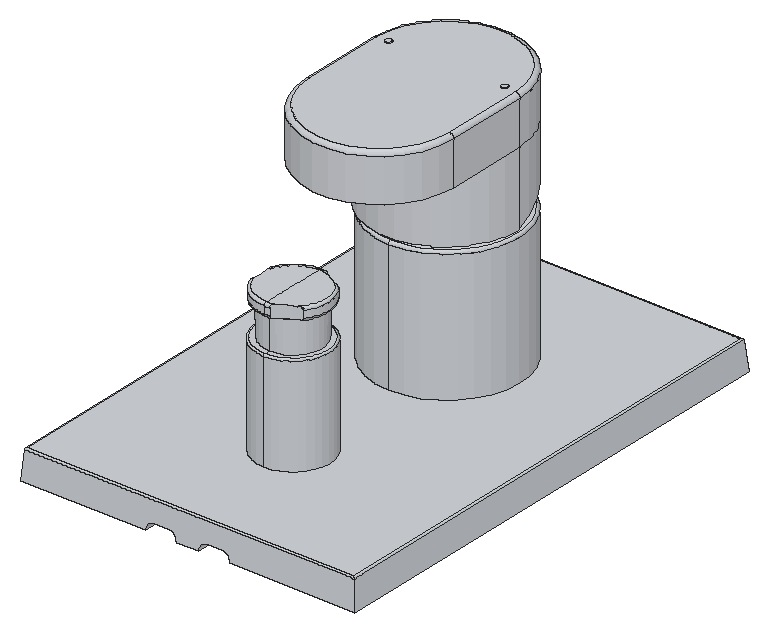
Revit family "Shower-Valve_Trim-KOHLER-OBLO-K-45366T_1", category Specialty Equipment, host Face, Revit 2017
Family settings
  Host = Face
  Round Connector Dimension = Use Diameter
  Part Type = Normal
  OmniClass Number = 23.31.25.00
  OmniClass Title = Toilet and Bath Specialties
  Cut with Voids When Loaded = No
  Shared = No
  Room Calculation Point = No
Parameters (values of type "CP-Polished Chrome")
  Width = 4 115/256"  # constant formula
  WaterSense Certified = 1 = 0  # no
  URL = "http://www.kohler.com.cn/"
  Type = 1
  Product Page URL = "https://www.kohler.com.cn/product/K-45366T-4-CP/K-45366T-4-CP/"
  Product Name = "OBLO"  # constant formula
  Product Documentation Link = "https://files.kohler.com.cn/pdfs/k_45366t.pdf"
  Model = "K-45366T-4-CP"  # constant formula
  Material = "Premium Metal Construction"  # constant formula
  Master Format 2014 Name = "Toilet, Bath, and Laundry Accessories"  # constant formula
  Master Format 2014 = "10 28 00"  # constant formula
  Manufacturer Address = "Kohler Beijing Office (100016) 36-2-03-B, No. 88, Liuxiang Road, Beijing"  # constant formula
  Manufacturer = "KOHLER Co."  # constant formula
  Length = 3 55/64"  # constant formula
  Height = 6 137/256"  # constant formula
  Handle Clearance = 2.1063"  # constant formula
  Finish = Kohler-Metal-CP-Polished_Chrome
  Environmental Product Declaration = ""
  Description = "40mm in-wall bathtub shower panel"  # constant formula
  Default Elevation = 42"
  Declare Label = ""
  Date Modified = "04/01/2021"  # constant formula
  Date Created = "04/01/2021"  # constant formula
  Copyright = "Copyright KOHLER Co."  # constant formula
  Contact Us = "http://www.kohler.com.cn/contact/contact-us/"
  Assembly Code = "C1030200"
  ADA Compliant = 1 = 0  # no
Reference planes (in)
  plane 1 "Center (Front/Back)": y = 0
  plane 2: z = 0
  plane 3 "Center (Left/Right)": x = 0
  plane 4: y = 2.22441
  plane 5: x = 2.22441
  plane 6: y = -4.31075
  plane 7: x = -2.22481
  plane 8: y = -2.55906
  plane 9: y = -1.04331
  plane 10: y = 0.96302
  plane 11: y = -2.1063
  plane 12: z = 3.85937
  plane 13: z = 0.3937
  plane 14: y = -0.96412
  plane 15: y = -3.04395
  plane 16: y = -2.07416
  plane 17: z = 0.52912
  plane 18: x = 0.9649
  plane 19: x = -0.9649
  plane 20: z = 2.33866
Dimensions and locks (in)
  plane 12 to level = 3 55/64"
  "Length": plane 12 to level
  "Width": plane 7 to plane 5
  "Height": plane 6 to plane 4
  plane 10 to plane 11 = 3.06932"
  "Handle Clearance": plane 1 "Center (Front/Back)" to plane 11
  plane 8 to plane 1 "Center (Front/Back)" = 2.55906"
  aligned and locked: plane 2 to host face
  aligned and locked: level to host face
Automatic sketch dimensions
  host sketch curve to host sketch curve = 96"  (x2)
Nested families (in)
  nested 1: "K-45366T" at (0, 0, 0), type "K-45366T"
Definition of nested family "K-45366T"
  Parameters (values of type "K-45366T")
    Material = none
  Reference planes (in)
    plane 1 "Center (Front/Back)": y = 0
    plane 2: z = 0
    plane 3 "Center (Left/Right)": x = 0
    plane 4: y = 2.22441
    plane 5: x = 2.22441
    plane 6: y = -4.31102
    plane 7: x = -2.22441
    plane 8: y = -1.04331
    plane 9: y = -2.55906
    plane 10: z = 3.85827
    plane 11: z = 0.3937
    plane 12: y = -2.1052
    plane 13: y = 0.96412
  Forms (in)
    Sweep 1, solid, material <- "Material", detail levels medium+fine
      path origin (0, 0, 0) x (1, 0, 0) y (0, 1, 0)
        loop
          line (2.22441, 2.22441) -> (-2.22441, 2.22441) -> (-2.22441, -4.31102) -> (2.22441, -4.31102) -> (2.22441, 2.22441)
      profile origin (0, 2.22441, 0) x (0, -1, 0) y (0, 0, 1)
        loop
          line (0.03278, 0.37473) -> (0, 0) -> (0.19685, 0) -> (0.19685, 0.3937) -> (0.05349, 0.3937)
          arc (0.05349, 0.3937) -> (0.03945, 0.38824) -> (0.03278, 0.37473) r 0.02079
    Extrusion 2, solid, material <- "Material", detail levels medium+fine
      sketch origin (0, 0, 0) x (1, 0, 0) y (0, 1, 0)
        loop
          line (-2.02756, -4.11417) -> (2.02756, -4.11417) -> (2.02756, 2.02756) -> (-2.02756, 2.02756) -> (-2.02756, -4.11417)
      from 0 to 0.3937
    Revolve 3, solid, material <- "Material", detail levels medium+fine
      sketch origin (0, 0, 0) x (0, 1, 0) y (0, 0, 1)
        loop
          line (0.96412, 0.11401) -> (0.96412, 2.13017)
          arc (0.96412, 2.13017) -> (0.95598, 2.15413) -> (0.93494, 2.16819) r 0.03937
          line (0.93494, 2.16819) -> (0.86507, 2.18691)
          arc (0.86507, 2.18691) -> (0.823, 2.21474) -> (0.8061, 2.26227) r 0.07958
          arc (0.8061, 2.26227) -> (0.7665, 2.50492) -> (0.66012, 2.72656) r 0.86343
          line (0.66012, 2.72656) -> (0, 2.72656) -> (0, 0.11401) -> (0.96412, 0.11401)
        axis (0, 2.72656) -> (0, 0.11401)
      angle from 0 to 360
    Sweep 4, solid, material <- "Material", detail levels medium+fine
      path origin (0, 0, 0) x (1, 0, 0) y (0, 1, 0)
        loop
          line (-0.98425, -0.02015) -> (-0.98425, -1.12165)
          arc (-0.98425, -1.12165) -> (0, -2.1059) -> (0.98425, -1.12165) r 0.98425
          line (0.98425, -1.12165) -> (0.98425, -0.02015)
          arc (0.98425, -0.02015) -> (0, 0.9641) -> (-0.98425, -0.02015) r 0.98425
      profile origin (0, -2.1059, 0) x (0, 1, 0) y (0, 0, 1)
        loop
          line (0.00069, 3.22441) -> (0.28441, 3.22441) -> (0.28441, 3.85827) -> (0.05975, 3.85827)
          arc (0.05975, 3.85827) -> (0.01799, 3.84097) -> (0.00069, 3.79921) r 0.05906
          line (0.00069, 3.79921) -> (0.00069, 3.22441)
    Extrusion 5, solid, material <- "Material", detail levels medium+fine
      sketch origin (0, 0, 0) x (1, 0, 0) y (0, 1, 0)
        loop
          arc (0.69984, -0.02015) -> (0, 0.67969) -> (-0.69984, -0.02015) r 0.69984
          line (-0.69984, -0.02015) -> (-0.69984, -1.12165)
          arc (-0.69984, -1.12165) -> (0, -1.82149) -> (0.69984, -1.12165) r 0.69984
          line (0.69984, -1.12165) -> (0.69984, -0.02015)
      from 3.22179 to 3.85827
    Extrusion 6, solid, material <- "Material", detail levels medium+fine
      sketch origin (0, 0, 0) x (1, 0, 0) y (0, 1, 0)
        loop
          circle (0, -0.02015) r 0.98356
      from 2.24016 to 3.22441
    Revolve 7, solid, material <- "Material", detail levels medium+fine
      sketch origin (0, 0, 0) x (0, 1, 0) y (0, 0, 1)
        loop
          line (-2.55906, 0.19685) -> (-2.07464, 0.19685) -> (-2.07464, 1.71101)
          arc (-2.07464, 1.71101) -> (-2.08087, 1.72605) -> (-2.09591, 1.73228) r 0.02127
          line (-2.09591, 1.73228) -> (-2.17189, 1.73228) -> (-2.16438, 2.16254)
          arc (-2.16438, 2.16254) -> (-2.15754, 2.17847) -> (-2.14149, 2.18504) r 0.0229
          line (-2.14149, 2.18504) -> (-2.10615, 2.18504)
          arc (-2.10615, 2.18504) -> (-2.09163, 2.19105) -> (-2.08562, 2.20556) r 0.02052
          line (-2.08562, 2.20556) -> (-2.08562, 2.30539)
          arc (-2.08562, 2.30539) -> (-2.09537, 2.32892) -> (-2.1189, 2.33866) r 0.03327
          line (-2.1189, 2.33866) -> (-2.55906, 2.33866) -> (-2.55906, 0.19685)
        axis (-2.55906, 2.33866) -> (-2.55906, 0.19685)
      angle from 0 to 360
    Extrusion 8, void
      sketch origin (0, 0, 0) x (1, 0, 0) y (0, 1, 0)
        loop
          circle (0, -2.55906) r 0.65748
        loop
          arc (-0.44216, -2.75692) -> (-0.24221, -2.97857) -> (0.04973, -3.04091) r 0.48441
          arc (0.04973, -3.04091) -> (0.20785, -2.91906) -> (0.39243, -2.84305) r 0.75303
          arc (0.39243, -2.84305) -> (0.48441, -2.55906) -> (0.39243, -2.27506) r 0.48441
          arc (0.39243, -2.27506) -> (0.20785, -2.19905) -> (0.04973, -2.0772) r 0.75303
          arc (0.04973, -2.0772) -> (-0.24221, -2.13954) -> (-0.44216, -2.36119) r 0.48441
          arc (-0.44216, -2.36119) -> (-0.4157, -2.55906) -> (-0.44216, -2.75692) r 0.75303
      from 2.05906 to 2.55906
    Extrusion 9, void
      sketch origin (0, 0, 0) x (0, 1, 0) y (0, 0, 1)
        loop
          line (1.23014, 2.8126) -> (-0.15186, 2.1973) -> (1.23014, 2.1973) -> (1.23014, 2.8126)
      from -1.5748 to 1.5748
    Extrusion 10, solid, material <- "Material", detail levels coarse
      sketch origin (0, 0, 0) x (1, 0, 0) y (0, 1, 0)
        loop
          line (-2.22441, -4.31102) -> (2.22441, -4.31102) -> (2.22441, 2.22441) -> (-2.22441, 2.22441) -> (-2.22441, -4.31102)
      from 0 to 0.59055
    Extrusion 11, solid, material <- "Material", detail levels coarse
      sketch origin (0, 0, 0) x (1, 0, 0) y (0, 1, 0)
        loop
          circle (0, -2.55906) r 0.55118
      from 0 to 2.33866
    Extrusion 12, solid, material <- "Material", detail levels coarse
      sketch origin (0, 0, 0) x (1, 0, 0) y (0, 1, 0)
        loop
          circle (0, 0) r 1.06299
      from 0 to 3.22441
    Extrusion 13, solid, material <- "Material", detail levels coarse
      sketch origin (0, 0, 0) x (1, 0, 0) y (0, 1, 0)
        loop
          line (-1.06299, 0) -> (-1.06299, -1.15792)
          arc (-1.06299, -1.15792) -> (0, -2.22091) -> (1.06299, -1.15792) r 1.06299
          line (1.06299, -1.15792) -> (1.06299, 0)
          arc (1.06299, 0) -> (0, 1.06299) -> (-1.06299, 0) r 1.06299
      from 3.22441 to 3.85962
    Extrusion 14, void
      sketch origin (0, 0, 0) x (1, 0, 0) y (0, 0, 1)
        loop
          arc (-0.43966, 0.11811) -> (-0.52334, 0.08354) -> (-0.55822, 0) r 0.11856
          line (-0.55822, 0) -> (-0.15044, 0)
          arc (-0.15044, 0) -> (-0.18533, 0.08354) -> (-0.269, 0.11811) r 0.11856
          line (-0.269, 0.11811) -> (-0.43966, 0.11811)
        loop
          line (0.43966, 0.11811) -> (0.269, 0.11811)
          arc (0.269, 0.11811) -> (0.18533, 0.08354) -> (0.15044, 0) r 0.11856
          line (0.15044, 0) -> (0.55822, 0)
          arc (0.55822, 0) -> (0.52334, 0.08354) -> (0.43966, 0.11811) r 0.11856
      from 1.5748 to 4.98487
    Extrusion 15, solid, detail levels medium+fine
      sketch origin (-0.00703, 0.0121, 0) x (1, 0, 0) y (0, 1, 0)
        loop
          circle (-0.77022, -0.0121) r 0.03972
      from 3.8189 to 3.85962
    Extrusion 16, solid, detail levels medium+fine
      sketch origin (-0.00703, 0.0121, 0) x (-1, 0, 0) y (0, -1, 0)
        loop
          circle (-0.77022, 0.0121) r 0.03972
      from 3.8189 to 3.85962
  Cuts and joins
    Extrusion 14 cuts Sweep 1
    Extrusion 8, Extrusion 14 cuts Extrusion 2
    Extrusion 14 cuts Revolve 3
    Extrusion 8, Extrusion 14 cuts Sweep 4
    Extrusion 8, Extrusion 14 cuts Extrusion 5
    Extrusion 8, Extrusion 9, Extrusion 14 cuts Extrusion 6
    Extrusion 8, Extrusion 14 cuts Revolve 7
    joined: Sweep 1, Extrusion 2, Revolve 3, Sweep 4, Extrusion 5, Extrusion 6, Revolve 7
    Extrusion 14 cuts Extrusion 10
    joined: Extrusion 10, Extrusion 11, Extrusion 12, Extrusion 13
  Lines and regions (in)
    Masking region 1
      outline origin (0, 0, 0) x (1, 0, 0) y (0, 1, 0)
        loop
          arc (-2.02756, 2.22441) -> (-2.16675, 2.16675) -> (-2.22441, 2.02756) r 0.19685
          line (-2.22441, 2.02756) -> (-2.22441, -4.11417)
          arc (-2.22441, -4.11417) -> (-2.16675, -4.25337) -> (-2.02756, -4.31102) r 0.19685
          line (-2.02756, -4.31102) -> (2.02756, -4.31102)
          arc (2.02756, -4.31102) -> (2.16675, -4.25337) -> (2.22441, -4.11417) r 0.19685
          line (2.22441, -4.11417) -> (2.22441, 2.02756)
          arc (2.22441, 2.02756) -> (2.16675, 2.16675) -> (2.02756, 2.22441) r 0.19685
          line (2.02756, 2.22441) -> (-2.02756, 2.22441)
    Masking region 2
      outline origin (0, 0, 0) x (1, 0, 0) y (0, 0, 1)
        loop
          line (0.92301, 3.85827) -> (-0.92301, 3.85827)
          arc (-0.92301, 3.85827) -> (-0.96582, 3.84053) -> (-0.98356, 3.79772) r 0.06055
          line (-0.98356, 3.79772) -> (-0.98356, 2.26142)
          arc (-0.98356, 2.26142) -> (-0.97733, 2.24639) -> (-0.96229, 2.24016) r 0.02126
          line (-0.96229, 2.24016) -> (-0.81005, 2.24016)
          arc (-0.81005, 2.24016) -> (-0.8332, 2.20525) -> (-0.8699, 2.18506) r 0.0877
          line (-0.8699, 2.18506) -> (-0.9265, 2.1699)
          arc (-0.9265, 2.1699) -> (-0.9542, 2.15139) -> (-0.9649, 2.11985) r 0.05181
          line (-0.9649, 2.11985) -> (-0.9649, 0.50886) -> (-1.11671, 0.49824)
          arc (-1.11671, 0.49824) -> (-1.64358, 0.45364) -> (-2.16892, 0.39364) r 18.06489
          arc (-2.16892, 0.39364) -> (-2.18475, 0.38566) -> (-2.19208, 0.36951) r 0.02668
          line (-2.19208, 0.36951) -> (-2.22441, 0) -> (2.22441, 0) -> (2.19208, 0.36951)
          arc (2.19208, 0.36951) -> (2.18475, 0.38566) -> (2.16892, 0.39364) r 0.02668
          arc (2.16892, 0.39364) -> (1.64358, 0.45364) -> (1.11671, 0.49824) r 18.06489
          line (1.11671, 0.49824) -> (0.9649, 0.50886) -> (0.9649, 2.11985)
          arc (0.9649, 2.11985) -> (0.9542, 2.15139) -> (0.9265, 2.1699) r 0.05181
          line (0.9265, 2.1699) -> (0.8699, 2.18506)
          arc (0.8699, 2.18506) -> (0.8332, 2.20525) -> (0.81005, 2.24016) r 0.0877
          line (0.81005, 2.24016) -> (0.96229, 2.24016)
          arc (0.96229, 2.24016) -> (0.97733, 2.24639) -> (0.98356, 2.26142) r 0.02126
          line (0.98356, 2.26142) -> (0.98356, 3.79772)
          arc (0.98356, 3.79772) -> (0.96582, 3.84053) -> (0.92301, 3.85827) r 0.06055
    Masking region 3
      outline origin (0, 0, 0) x (0, 1, 0) y (0, 0, 1)
        loop
          line (0.90506, 3.85827) -> (-2.04615, 3.85827)
          arc (-2.04615, 3.85827) -> (-2.08791, 3.84097) -> (-2.1052, 3.79921) r 0.05906
          line (-2.1052, 3.79921) -> (-2.1052, 3.28346)
          arc (-2.1052, 3.28346) -> (-2.08791, 3.24171) -> (-2.04615, 3.22441) r 0.05906
          line (-2.04615, 3.22441) -> (-1.39741, 3.22441)
          arc (-1.39741, 3.22441) -> (-1.11902, 3.1091) -> (-1.00371, 2.83071) r 0.3937
          line (-1.00371, 2.83071) -> (-1.00371, 2.752)
          arc (-1.00371, 2.752) -> (-1.04535, 2.62835) -> (-1.00371, 2.50469) r 0.20442
          line (-1.00371, 2.50469) -> (-1.00371, 2.24016) -> (-0.81001, 2.24016)
          arc (-0.81001, 2.24016) -> (-0.831, 2.20615) -> (-0.8658, 2.18651) r 0.08012
          line (-0.8658, 2.18651) -> (-0.93494, 2.16798)
          arc (-0.93494, 2.16798) -> (-0.95598, 2.15392) -> (-0.96412, 2.12996) r 0.03937
          line (-0.96412, 2.12996) -> (-0.96412, 0.53698)
          arc (-0.96412, 0.53698) -> (-1.51921, 0.53138) -> (-2.07416, 0.51767) r 37.93388
          line (-2.07416, 0.51767) -> (-2.07416, 1.7126)
          arc (-2.07416, 1.7126) -> (-2.07992, 1.72652) -> (-2.09384, 1.73228) r 0.01969
          line (-2.09384, 1.73228) -> (-2.17189, 1.73228) -> (-2.16552, 2.16216)
          arc (-2.16552, 2.16216) -> (-2.1586, 2.17836) -> (-2.14231, 2.18504) r 0.02322
          line (-2.14231, 2.18504) -> (-2.10747, 2.18504)
          spline (-2.10747, 2.18504) -> (-2.10562, 2.18553) -> (-2.10379, 2.18625) -> (-2.10201, 2.18721) -> (-2.10027, 2.1884) -> (-2.09861, 2.1898) -> (-2.09702, 2.19141) -> (-2.09553, 2.19322) -> (-2.09413, 2.19521) -> (-2.09285, 2.19736) -> (-2.09169, 2.19967) -> (-2.09066, 2.20211) -> (-2.08976, 2.20467)
          line (-2.08976, 2.20467) -> (-2.08976, 2.30811)
          spline (-2.08976, 2.30811) -> (-2.09125, 2.3121) -> (-2.09294, 2.3159) -> (-2.09483, 2.31949) -> (-2.09691, 2.32283) -> (-2.09915, 2.32591) -> (-2.10155, 2.3287) -> (-2.10408, 2.3312) -> (-2.10674, 2.33338) -> (-2.10951, 2.33522) -> (-2.11237, 2.33672) -> (-2.11529, 2.33787) -> (-2.11826, 2.33866)
          line (-2.11826, 2.33866) -> (-2.99985, 2.33866)
          spline (-2.99985, 2.33866) -> (-3.00282, 2.33787) -> (-3.00574, 2.33672) -> (-3.0086, 2.33522) -> (-3.01137, 2.33338) -> (-3.01403, 2.3312) -> (-3.01656, 2.3287) -> (-3.01896, 2.32591) -> (-3.0212, 2.32283) -> (-3.02328, 2.31949) -> (-3.02517, 2.3159) -> (-3.02686, 2.3121) -> (-3.02835, 2.30811)
          line (-3.02835, 2.30811) -> (-3.02835, 2.20467)
          spline (-3.02835, 2.20467) -> (-3.02745, 2.20211) -> (-3.02642, 2.19967) -> (-3.02526, 2.19736) -> (-3.02398, 2.19521) -> (-3.02259, 2.19322) -> (-3.02109, 2.19141) -> (-3.0195, 2.1898) -> (-3.01784, 2.1884) -> (-3.0161, 2.18721) -> (-3.01432, 2.18625) -> (-3.01249, 2.18553) -> (-3.01064, 2.18504)
          line (-3.01064, 2.18504) -> (-2.97581, 2.18504)
          arc (-2.97581, 2.18504) -> (-2.95951, 2.17836) -> (-2.95259, 2.16216) r 0.02322
          line (-2.95259, 2.16216) -> (-2.94622, 1.73228) -> (-3.02427, 1.73228)
          arc (-3.02427, 1.73228) -> (-3.03819, 1.72652) -> (-3.04395, 1.7126) r 0.01969
          line (-3.04395, 1.7126) -> (-3.04395, 0.48241) -> (-3.52721, 0.44862)
          arc (-3.52721, 0.44862) -> (-3.89244, 0.42212) -> (-4.25753, 0.3937) r 69.89901
          arc (-4.25753, 0.3937) -> (-4.27158, 0.38824) -> (-4.27824, 0.37473) r 0.02079
          line (-4.27824, 0.37473) -> (-4.31102, 0) -> (2.22441, 0) -> (2.19163, 0.37473)
          arc (2.19163, 0.37473) -> (2.18496, 0.38824) -> (2.17092, 0.3937) r 0.02079
          arc (2.17092, 0.3937) -> (1.80583, 0.42212) -> (1.4406, 0.44862) r 69.89901
          line (1.4406, 0.44862) -> (0.96412, 0.48193) -> (0.96412, 2.12996)
          arc (0.96412, 2.12996) -> (0.95598, 2.15392) -> (0.93494, 2.16798) r 0.03937
          line (0.93494, 2.16798) -> (0.8658, 2.18651)
          arc (0.8658, 2.18651) -> (0.82338, 2.21459) -> (0.80642, 2.26254) r 0.08012
          arc (0.80642, 2.26254) -> (0.78873, 2.41954) -> (0.74161, 2.57034) r 0.83014
          line (0.74161, 2.57034) -> (0.96412, 2.66941) -> (0.96412, 3.79921)
          arc (0.96412, 3.79921) -> (0.94682, 3.84097) -> (0.90506, 3.85827) r 0.05906
    symbolic lines, detail levels medium+fine
      curve 1: arc (0.98356, -0.02015, 0) -> (0, 0.9634, 0) -> (-0.98356, -0.02015, 0) r 0.98356
      curve 2: line (-0.98356, -0.02015, 0) -> (-0.98356, -1.12165, 0)
      curve 3: line (0.98356, -1.12165, 0) -> (0.98356, -0.02015, 0)
      curve 4: arc (-0.98356, -1.12165, 0) -> (0, -2.1052, 0) -> (0.98356, -1.12165, 0) r 0.98356
      curve 5: arc (-0.98356, -0.20126, 0) -> (0, 1.00394, 0) -> (0.98356, -0.20126, 0) r 1.00394
      curve 6: arc (0.37517, -2.84782, 0) -> (0.20785, -2.91906, 0) -> (0.06249, -3.02835, 0) r 0.75303
      curve 7: arc (-0.43766, -2.73959, 0) -> (-0.4157, -2.55906, 0) -> (-0.43766, -2.37852, 0) r 0.75303
      curve 8: arc (0.07582, -2.10228, 0) -> (0.2158, -2.20357, 0) -> (0.37517, -2.2703, 0) r 0.75303
      curve 9: arc (-0.43766, -2.73959, 0) -> (-0.23672, -2.96906, 0) -> (0.06249, -3.02835, 0) r 0.47343
      curve 10: arc (-0.25647, -2.07118, 0) -> (0, -3.11024, 0) -> (0.25647, -2.07118, 0) r 0.55118
      curve 11: arc (0.37517, -2.84782, 0) -> (0.47343, -2.55906, 0) -> (0.37517, -2.2703, 0) r 0.47343
      curve 12: arc (-0.11129, -2.09889, 0) -> (-0.30803, -2.19954, 0) -> (-0.43766, -2.37852, 0) r 0.47343
      curve 13: arc (-0.13972, -2.09523, 0) -> (0, -3.04347, 0) -> (0.13972, -2.09523, 0) r 0.48441
      curve 14: line (2.02756, 2.14567, 0) -> (-2.02756, 2.14567, 0)
      curve 15: arc (-2.02756, 2.14567, 0) -> (-2.11108, 2.11108, 0) -> (-2.14567, 2.02756, 0) r 0.11811
      curve 16: line (-2.14567, 2.02756, 0) -> (-2.14567, -4.11417, 0)
      curve 17: arc (-2.14567, -4.11417, 0) -> (-2.11108, -4.19769, 0) -> (-2.02756, -4.23228, 0) r 0.11811
      curve 18: line (-2.02756, -4.23228, 0) -> (2.02756, -4.23228, 0)
      curve 19: arc (2.02756, -4.23228, 0) -> (2.11108, -4.19769, 0) -> (2.14567, -4.11417, 0) r 0.11811
      curve 20: line (2.14567, -4.11417, 0) -> (2.14567, 2.02756, 0)
      curve 21: arc (2.14567, 2.02756, 0) -> (2.11108, 2.11108, 0) -> (2.02756, 2.14567, 0) r 0.11811
      curve 22: line (0.9649, 0, 2.11985) -> (-0.9649, 0, 2.11985)
      curve 23: arc (-0.9649, 0, 0.50886) -> (0, 0, 0.52912) -> (0.9649, 0, 0.50886) r 22.98002
      curve 24: line (2.16846, 0, 0.3937) -> (-2.16846, 0, 0.3937)
      curve 25: line (-2.19208, 0, 0.36951) -> (2.19208, 0, 0.36951)
      curve 26: line (0, -1.00371, 2.24016) -> (0, -0.1094, 2.24016)
      curve 27: line (0, 0.96457, 2.66961) -> (0, 0.11467, 2.29121)
      curve 28: arc (0, 0.11467, 2.29121) -> (0, 0.00513, 2.25474) -> (0, -0.1094, 2.24016) r 0.59347
      curve 29: line (0, -0.96412, 2.12996) -> (0, 0.96412, 2.12996)
      curve 30: line (0, -1.00371, 2.50469) -> (0, -1.00371, 2.752)
      curve 31: line (0, -2.14231, 2.18504) -> (0, -2.97581, 2.18504)
      curve 32: line (0, -2.17189, 1.73228) -> (0, -2.94622, 1.73228)
      curve 33: line (0, -3.04395, 0.48241) -> (0, -2.07416, 0.51767)
      curve 34: line (0, 0.96412, 0.48193) -> (0, -0.96412, 0.53698)
      curve 35: line (0, -2.1052, 3.79921) -> (0, 0.96412, 3.79921)
      curve 36: line (0, 2.17084, 0.3937) -> (0, -4.25745, 0.3937)
      curve 37: line (0, 2.19185, 0.37483) -> (0, -4.27823, 0.37483)
      curve 38: line (0, -2.37852, 2.30819) -> (0, -2.37852, 2.20456)
      curve 39: spline (0, -2.37852, 2.20456) -> (0, -2.38006, 2.20139) -> (0, -2.38192, 2.19842) -> (0, -2.38408, 2.19566) -> (0, -2.38652, 2.19317) -> (0, -2.3892, 2.19095) -> (0, -2.39211, 2.18904) -> (0, -2.3952, 2.18747) -> (0, -2.39843, 2.18624) -> (0, -2.40178, 2.18537) -> (0, -2.4052, 2.18488) -> (0, -2.40865, 2.18477) -> (0, -2.41209, 2.18504)
      curve 40: spline (0, -2.70604, 2.18504) -> (0, -2.7095, 2.18477) -> (0, -2.71296, 2.18489) -> (0, -2.71639, 2.18538) -> (0, -2.71974, 2.18625) -> (0, -2.72298, 2.18747) -> (0, -2.72607, 2.18905) -> (0, -2.72897, 2.19095) -> (0, -2.73165, 2.19317) -> (0, -2.73407, 2.19566) -> (0, -2.73622, 2.19841) -> (0, -2.73807, 2.20138) -> (0, -2.73959, 2.20454)
      curve 41: line (0, -2.73959, 2.20454) -> (0, -2.73959, 2.30814)
      curve 42: spline (0, -2.73959, 2.30814) -> (0, -2.73674, 2.31319) -> (0, -2.7334, 2.31792) -> (0, -2.72961, 2.32227) -> (0, -2.7254, 2.3262) -> (0, -2.72081, 2.32967) -> (0, -2.71589, 2.33265) -> (0, -2.71071, 2.33509) -> (0, -2.7053, 2.33698) -> (0, -2.69973, 2.33829) -> (0, -2.69406, 2.33901) -> (0, -2.68835, 2.33913) -> (0, -2.68265, 2.33866)
      curve 43: spline (0, -2.43538, 2.33866) -> (0, -2.42964, 2.33912) -> (0, -2.4239, 2.33898) -> (0, -2.4182, 2.33824) -> (0, -2.41262, 2.33693) -> (0, -2.40721, 2.33504) -> (0, -2.40203, 2.3326) -> (0, -2.39713, 2.32963) -> (0, -2.39256, 2.32617) -> (0, -2.38838, 2.32226) -> (0, -2.38462, 2.31792) -> (0, -2.38132, 2.31322) -> (0, -2.37852, 2.30819)
      curve 44: line (0, -2.2703, 2.20452) -> (0, -2.2703, 2.31006)
      curve 45: spline (0, -2.2703, 2.31006) -> (0, -2.26977, 2.31382) -> (0, -2.26912, 2.31739) -> (0, -2.26836, 2.32075) -> (0, -2.2675, 2.32388) -> (0, -2.26652, 2.32676) -> (0, -2.26545, 2.32937) -> (0, -2.26429, 2.3317) -> (0, -2.26304, 2.33373) -> (0, -2.26171, 2.33545) -> (0, -2.26032, 2.33685) -> (0, -2.25886, 2.33792) -> (0, -2.25735, 2.33866)
      curve 46: spline (0, -2.26252, 2.18504) -> (0, -2.26336, 2.18552) -> (0, -2.26419, 2.18625) -> (0, -2.26499, 2.1872) -> (0, -2.26577, 2.18838) -> (0, -2.26651, 2.18977) -> (0, -2.26721, 2.19137) -> (0, -2.26786, 2.19316) -> (0, -2.26846, 2.19513) -> (0, -2.26901, 2.19727) -> (0, -2.2695, 2.19956) -> (0, -2.26993, 2.20198) -> (0, -2.2703, 2.20452)
      curve 47: line (0, -2.84782, 2.20452) -> (0, -2.84782, 2.31006)
      curve 48: spline (0, -2.84782, 2.31006) -> (0, -2.84834, 2.31382) -> (0, -2.84899, 2.31739) -> (0, -2.84975, 2.32075) -> (0, -2.85061, 2.32388) -> (0, -2.85159, 2.32676) -> (0, -2.85266, 2.32937) -> (0, -2.85382, 2.3317) -> (0, -2.85507, 2.33373) -> (0, -2.8564, 2.33545) -> (0, -2.85779, 2.33685) -> (0, -2.85925, 2.33792) -> (0, -2.86076, 2.33866)
      curve 49: spline (0, -2.85559, 2.18504) -> (0, -2.85475, 2.18552) -> (0, -2.85392, 2.18625) -> (0, -2.85312, 2.1872) -> (0, -2.85234, 2.18838) -> (0, -2.8516, 2.18977) -> (0, -2.8509, 2.19137) -> (0, -2.85025, 2.19316) -> (0, -2.84965, 2.19513) -> (0, -2.8491, 2.19727) -> (0, -2.84861, 2.19956) -> (0, -2.84818, 2.20198) -> (0, -2.84782, 2.20452)
      curve 50: line (-0.98356, 0, 3.79772) -> (0.98356, 0, 3.79772)
      curve 51: line (0.98356, 0, 2.25594) -> (-0.98356, 0, 2.25594)
      curve 52: spline (0.80584, 0, 2.26227) -> (0.79915, 0, 2.30517) -> (0.77876, 0, 2.34734) -> (0.74503, 0, 2.38808) -> (0.69852, 0, 2.42667) -> (0.64003, 0, 2.46247) -> (0.57056, 0, 2.49486) -> (0.4913, 0, 2.52329) -> (0.40361, 0, 2.54727) -> (0.30897, 0, 2.5664) -> (0.20901, 0, 2.58034) -> (0.10543, 0, 2.58886) -> (0, 0, 2.59181)
      curve 53: arc (0.81005, 0, 2.24016) -> (0.80687, 0, 2.25101) -> (0.80584, 0, 2.26227) r 0.05858
      curve 54: spline (-0.80584, 0, 2.26227) -> (-0.79915, 0, 2.30517) -> (-0.77876, 0, 2.34734) -> (-0.74503, 0, 2.38808) -> (-0.69852, 0, 2.42667) -> (-0.64003, 0, 2.46247) -> (-0.57056, 0, 2.49486) -> (-0.4913, 0, 2.52329) -> (-0.40361, 0, 2.54727) -> (-0.30897, 0, 2.5664) -> (-0.20901, 0, 2.58034) -> (-0.10543, 0, 2.58886) -> (0, 0, 2.59181)
      curve 55: arc (-0.81005, 0, 2.24016) -> (-0.80687, 0, 2.25101) -> (-0.80584, 0, 2.26227) r 0.05858
      curve 56: line (0.98356, 0, 2.25594) -> (-0.98356, 0, 2.25594)
      curve 57: circle (-0.77725, 0, 0) r 0.03972 normal (0, 0, 1)
      curve 58: circle (0.76318, 0, 0) r 0.03972 normal (0, 0, 1)
  Dimensions and locks (in)
    aligned and locked: level to plane 2
